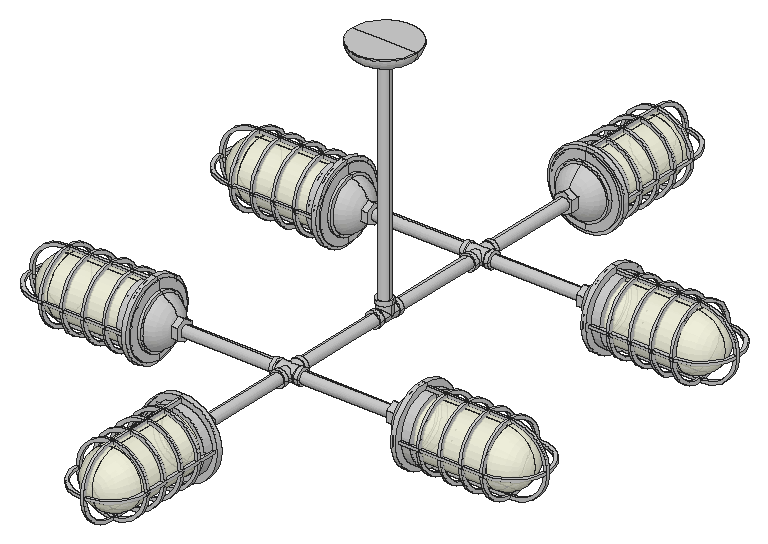
Revit family "HL2.STXX", category Lighting Fixtures, Revit 2024
Family settings
  Round Connector Dimension = Use Diameter
  Part Type = Normal
  OmniClass Number = 23.80.70.00
  OmniClass Title = Lighting
  Work Plane-Based = No
  Always vertical = Yes
  Cut with Voids When Loaded = No
  Light Source = No
  Maintain Annotation Orientation = No
  Shared = No
  Room Calculation Point = No
Parameters
  Default Elevation = 0' - 0"
Reference planes (in)
  plane 1 "Light Source Axis (F/B)": y = 0
  plane 2: z = 0
  plane 3 "Light Source Axis (L/R)": x = 0
  plane 4 "Light Source Elevation": z = 91.64356
Forms (in)
  Revolve 1, solid, material "49"
    sketch origin (1.43133, 0.00447, 104.02348) x (-1, 0, 0) y (0, 0, -1)
      loop
        line (0.83133, 8.24863) -> (0.99383, 8.24863) -> (0.99383, -8.75137) -> (-0.15915, -8.75137)
        arc (-0.15915, -8.75137) -> (-0.80228, -9.01776) -> (-1.06867, -9.66089) r 0.90952
        line (-1.06867, -9.66089) -> (-1.06867, -9.75137) -> (1.43133, -9.75137) -> (1.43133, 8.24863) -> (1.43133, 9.38966) -> (0.87564, 9.38966) -> (0.87564, 8.54863) -> (0.83133, 8.54863) -> (0.83133, 8.24863)
      axis (1.43133, -9.75137) -> (1.43133, 9.38966)
    angle from 0 to 360
  Revolve 2, solid, material "49"
    sketch origin (-9.36344, -1.41564, 94.68106) x (0.999999, -0.001268, 0) y (0.001268, 0.999999, 0)
      loop
        line (9.36163, 0.31883) -> (9.96163, 0.31883) -> (9.96163, 0.61883)
        arc (9.96163, 0.61883) -> (9.92902, 0.66763) -> (9.91757, 0.7252) r 0.15044
        line (9.91757, 0.7252) -> (9.91757, 2.13745)
        arc (9.91757, 2.13745) -> (9.92902, 2.19502) -> (9.96163, 2.24383) r 0.15044
        line (9.96163, 2.24383) -> (9.96163, 2.54383) -> (9.36163, 2.54383) -> (9.36163, 0.31883)
      axis (9.36163, 0.31883) -> (9.36163, 2.54383)
    angle from 0 to 360
  Revolve 3, solid, material "49"
    sketch origin (-1.43133, 9.3, 6.57775) x (-1, 0, 0) y (0, 0, -1)
      loop
        line (-2.54383, -88.10331) -> (-9.58133, -88.10331) -> (-9.58133, -88.54111) -> (-2.54383, -88.54111) -> (-2.54383, -88.10331)
      axis (-9.58133, -88.10331) -> (-2.54383, -88.10331)
    angle from 0 to 360
  Revolve 4, solid, material "49"
    sketch origin (1.43133, -0.09897, 94.63876) x (-1, 0, 0) y (0, 1, -0.000526)
      loop
        line (0.83133, 8.24863) -> (1.43133, 8.24863) -> (1.43133, 9.38966) -> (0.87564, 9.38966) -> (0.87564, 8.54863) -> (0.83133, 8.54863) -> (0.83133, 8.24863)
      axis (1.43133, 8.24863) -> (1.43133, 9.38966)
    angle from 0 to 360
  Revolve 5, solid, material "49"
    sketch origin (1.43133, -0.06163, 94.68106) x (0, 1, 0) y (-1, 0, 0)
      loop
        line (9.36163, 0.31883) -> (9.96163, 0.31883) -> (9.96163, 0.61883)
        arc (9.96163, 0.61883) -> (9.92902, 0.66763) -> (9.91757, 0.7252) r 0.15044
        line (9.91757, 0.7252) -> (9.91757, 2.13745)
        arc (9.91757, 2.13745) -> (9.92902, 2.19502) -> (9.96163, 2.24383) r 0.15044
        line (9.96163, 2.24383) -> (9.96163, 2.54383) -> (9.36163, 2.54383) -> (9.36163, 0.31883)
      axis (9.36163, 0.31883) -> (9.36163, 2.54383)
    angle from 0 to 360
  Revolve 6, solid, material "49"
    sketch origin (0, -1.42863, 6.57775) x (0, -1, 0) y (0, 0, -1)
      loop
        line (-2.54383, -88.10331) -> (-9.60145, -88.10331) -> (-9.60145, -88.54111) -> (-2.54383, -88.54111) -> (-2.54383, -88.10331)
      axis (-9.60145, -88.10331) -> (-2.54383, -88.10331)
    angle from 0 to 360
  Revolve 7, solid, material "49"
    sketch origin (1.43133, 9.3, 6.57775) x (1, 0, 0) y (0, 0, 1)
      loop
        line (-2.54383, 88.10331) -> (-2.54383, 88.54111) -> (-9.58133, 88.54111) -> (-9.58133, 88.10331) -> (-2.54383, 88.10331)
      axis (-9.58133, 88.10331) -> (-2.54383, 88.10331)
    angle from 0 to 360
  Revolve 8, solid, material "49"
    sketch origin (-1.43133, -9.3, 6.57775) x (-1, 0, 0) y (0, 0, 1)
      loop
        line (-2.54383, 88.10331) -> (-2.54383, 88.54111) -> (-9.58133, 88.54111) -> (-9.58133, 88.10331) -> (-2.54383, 88.10331)
      axis (-9.58133, 88.10331) -> (-2.54383, 88.10331)
    angle from 0 to 360
  Revolve 9, solid, material "49"
    sketch origin (1.43133, 0.09897, 94.63876) x (-1, 0, 0) y (0, 1, 0.000526)
      loop
        line (0.83133, -8.24863) -> (0.83133, -8.54863) -> (0.87564, -8.54863) -> (0.87564, -9.38966) -> (1.43133, -9.38966) -> (1.43133, -8.24863) -> (0.83133, -8.24863)
      axis (1.43133, -8.24863) -> (1.43133, -9.38966)
    angle from 0 to 360
  Revolve 10, solid, material "49"
    sketch origin (1.43133, 0.06163, 94.68106) x (0, 1, 0) y (-1, 0, 0)
      loop
        line (-9.36163, 0.31883) -> (-9.36163, 2.54383) -> (-9.96163, 2.54383) -> (-9.96163, 2.24383)
        arc (-9.96163, 2.24383) -> (-9.92902, 2.19502) -> (-9.91757, 2.13745) r 0.15044
        line (-9.91757, 2.13745) -> (-9.91757, 0.7252)
        arc (-9.91757, 0.7252) -> (-9.92902, 0.66763) -> (-9.96163, 0.61883) r 0.15044
        line (-9.96163, 0.61883) -> (-9.96163, 0.31883) -> (-9.36163, 0.31883)
      axis (-9.36163, 0.31883) -> (-9.36163, 2.54383)
    angle from 0 to 360
  Revolve 11, solid, material "49"
    sketch origin (0, 1.42863, 6.57775) x (0, 1, 0) y (0, 0, 1)
      loop
        line (-2.54383, 88.10331) -> (-2.54383, 88.54111) -> (-9.60145, 88.54111) -> (-9.60145, 88.10331) -> (-2.54383, 88.10331)
      axis (-9.60145, 88.10331) -> (-2.54383, 88.10331)
    angle from 0 to 360
  Revolve 12, solid, material "49"
    sketch origin (1.43133, -9.3, 6.57775) x (1, 0, 0) y (0, 0, -1)
      loop
        line (-2.54383, -88.10331) -> (-9.58133, -88.10331) -> (-9.58133, -88.54111) -> (-2.54383, -88.54111) -> (-2.54383, -88.10331)
      axis (-9.58133, -88.10331) -> (-2.54383, -88.10331)
    angle from 0 to 360
  Extrusion 13, solid, material "49"
    sketch origin (-3.25009, -0.11654, 101.52109) x (0, 0, -1) y (0, 1, 0)
      loop
        line (6.05272, 9.36163) -> (6.44638, 8.6798) -> (7.23369, 8.6798) -> (7.62734, 9.36163) -> (7.23369, 10.04346) -> (6.44638, 10.04346) -> (6.05272, 9.36163)
    from 11.40009 to 12.047
  Revolve 14, solid, material "49"
    sketch origin (95.15115, 9.24706, 101.52109) x (0, 0, 1) y (-1, 0, 0)
      loop
        line (-6.84003, 86.56466) -> (-6.84003, 86.4709)
        arc (-6.84003, 86.4709) -> (-5.692, 86.10354) -> (-4.99589, 85.1195) r 1.90036
        line (-4.99589, 85.1195) -> (-4.84249, 85.1195) -> (-4.84249, 84.83927) -> (-4.18378, 84.83927) -> (-4.18378, 84.71427) -> (-3.93378, 84.71427) -> (-3.93378, 84.52677) -> (-4.39628, 84.52677) -> (-4.39628, 83.77677) -> (-4.62769, 83.77677) -> (-4.62769, 83.68302) -> (-4.30253, 83.68302) -> (-4.30253, 84.43302) -> (-3.84003, 84.43302) -> (-3.84003, 84.80802) -> (-4.09003, 84.80802) -> (-4.09003, 84.93302) -> (-4.74874, 84.93302) -> (-4.74874, 85.21325) -> (-4.92753, 85.21325)
        arc (-4.92753, 85.21325) -> (-5.66451, 86.19926) -> (-6.84003, 86.56466) r 1.99411
      loop
        line (-4.66282, 78.03154) -> (-4.66282, 84.43302) -> (-4.75657, 84.43302) -> (-4.75657, 78.0333)
        arc (-4.75657, 78.0333) -> (-5.39398, 76.61211) -> (-6.83922, 76.03129) r 2.08125
        line (-6.83922, 76.03129) -> (-6.83922, 75.93754)
        arc (-6.83922, 75.93754) -> (-5.32832, 76.5452) -> (-4.66282, 78.03154) r 2.175
      loop
        line (-4.30253, 82.78302) -> (-4.05253, 82.78302) -> (-4.05253, 82.98302) -> (-4.30253, 82.98302) -> (-4.30253, 82.78302)
      loop
        line (-4.30253, 81.13302) -> (-4.05253, 81.13302) -> (-4.05253, 81.33302) -> (-4.30253, 81.33302) -> (-4.30253, 81.13302)
      loop
        line (-4.30253, 79.48302) -> (-4.05253, 79.48302) -> (-4.05253, 79.68302) -> (-4.30253, 79.68302) -> (-4.30253, 79.48302)
      loop
        line (-4.30253, 77.83302) -> (-4.05253, 77.83302) -> (-4.05253, 78.03302) -> (-4.30253, 78.03302) -> (-4.30253, 77.83302)
      axis (-6.84003, 86.56466) -> (-6.84003, 75.93754)
    angle from 0 to 360
  Extrusion 15, solid, material "49"
    sketch origin (95.15115, 7.89908, 101.52109) x (0, 0, 1) y (-1, 0, 0)
      loop
        line (-4.05253, 77.72052) -> (-4.05253, 84.43302) -> (-4.30253, 84.43302) -> (-4.30253, 77.72052)
        arc (-4.30253, 77.72052) -> (-5.12109, 75.85393) -> (-7.04867, 75.19161) r 2.5375
        arc (-7.04867, 75.19161) -> (-8.70662, 76.00158) -> (-9.37753, 77.72052) r 2.5375
        line (-9.37753, 77.72052) -> (-9.37753, 84.43302) -> (-9.62753, 84.43302) -> (-9.62753, 77.72052)
        arc (-9.62753, 77.72052) -> (-6.84003, 74.93302) -> (-4.05253, 77.72052) r 2.7875
    from -1.44798 to -1.24798
  Extrusion 16, solid, material "49"
    sketch origin (95.15115, -0.10092, 89.27235) x (-1, 0, 0) y (0, -1, 0)
      loop
        line (77.72052, -12.13548) -> (84.43302, -12.13548) -> (84.43302, -11.88548) -> (77.72052, -11.88548)
        arc (77.72052, -11.88548) -> (75.80176, -11.00849) -> (75.2093, -8.98371) r 2.5375
        arc (75.2093, -8.98371) -> (76.06001, -7.42922) -> (77.72052, -6.81048) r 2.5375
        line (77.72052, -6.81048) -> (84.43302, -6.81048) -> (84.43302, -6.56048) -> (77.72052, -6.56048)
        arc (77.72052, -6.56048) -> (74.93302, -9.34798) -> (77.72052, -12.13548) r 2.7875
    from 5.30871 to 5.50871
  Extrusion 17, solid, material "49"
    sketch origin (3.25009, -0.11654, 101.52109) x (0, 0, -1) y (0, -1, 0)
      loop
        line (6.05272, -9.36163) -> (6.44638, -10.04346) -> (7.23369, -10.04346) -> (7.62734, -9.36163) -> (7.23369, -8.6798) -> (6.44638, -8.6798) -> (6.05272, -9.36163)
    from 11.40009 to 12.047
  Revolve 18, solid, material "49"
    sketch origin (-95.15115, 9.24706, 101.52109) x (0, 0, 1) y (-1, 0, 0)
      loop
        arc (-6.84003, -86.56466) -> (-5.66451, -86.19926) -> (-4.92753, -85.21325) r 1.99411
        line (-4.92753, -85.21325) -> (-4.74874, -85.21325) -> (-4.74874, -84.93302) -> (-4.09003, -84.93302) -> (-4.09003, -84.80802) -> (-3.84003, -84.80802) -> (-3.84003, -84.43302) -> (-4.30253, -84.43302) -> (-4.30253, -83.68302) -> (-4.62769, -83.68302) -> (-4.62769, -83.77677) -> (-4.39628, -83.77677) -> (-4.39628, -84.52677) -> (-3.93378, -84.52677) -> (-3.93378, -84.71427) -> (-4.18378, -84.71427) -> (-4.18378, -84.83927) -> (-4.84249, -84.83927) -> (-4.84249, -85.1195) -> (-4.99589, -85.1195)
        arc (-4.99589, -85.1195) -> (-5.692, -86.10354) -> (-6.84003, -86.4709) r 1.90036
        line (-6.84003, -86.4709) -> (-6.84003, -86.56466)
      loop
        arc (-4.66282, -78.03154) -> (-5.32832, -76.5452) -> (-6.83922, -75.93754) r 2.175
        line (-6.83922, -75.93754) -> (-6.83922, -76.03129)
        arc (-6.83922, -76.03129) -> (-5.39398, -76.61211) -> (-4.75657, -78.0333) r 2.08125
        line (-4.75657, -78.0333) -> (-4.75657, -84.43302) -> (-4.66282, -84.43302) -> (-4.66282, -78.03154)
      loop
        line (-4.30253, -82.78302) -> (-4.30253, -82.98302) -> (-4.05253, -82.98302) -> (-4.05253, -82.78302) -> (-4.30253, -82.78302)
      loop
        line (-4.30253, -81.13302) -> (-4.30253, -81.33302) -> (-4.05253, -81.33302) -> (-4.05253, -81.13302) -> (-4.30253, -81.13302)
      loop
        line (-4.30253, -79.48302) -> (-4.30253, -79.68302) -> (-4.05253, -79.68302) -> (-4.05253, -79.48302) -> (-4.30253, -79.48302)
      loop
        line (-4.30253, -77.83302) -> (-4.30253, -78.03302) -> (-4.05253, -78.03302) -> (-4.05253, -77.83302) -> (-4.30253, -77.83302)
      axis (-6.84003, -86.56466) -> (-6.84003, -75.93754)
    angle from 0 to 360
  Extrusion 19, solid, material "49"
    sketch origin (-95.15115, 7.89908, 101.52109) x (0, 0, 1) y (-1, 0, 0)
      loop
        arc (-4.05253, -77.72052) -> (-6.84003, -74.93302) -> (-9.62753, -77.72052) r 2.7875
        line (-9.62753, -77.72052) -> (-9.62753, -84.43302) -> (-9.37753, -84.43302) -> (-9.37753, -77.72052)
        arc (-9.37753, -77.72052) -> (-8.70662, -76.00158) -> (-7.04867, -75.19161) r 2.5375
        arc (-7.04867, -75.19161) -> (-5.12109, -75.85393) -> (-4.30253, -77.72052) r 2.5375
        line (-4.30253, -77.72052) -> (-4.30253, -84.43302) -> (-4.05253, -84.43302) -> (-4.05253, -77.72052)
    from -1.44798 to -1.24798
  Extrusion 20, solid, material "49"
    sketch origin (-95.15115, -0.10092, 89.27235) x (-1, 0, 0) y (0, -1, 0)
      loop
        arc (-77.72052, -12.13548) -> (-74.93302, -9.34798) -> (-77.72052, -6.56048) r 2.7875
        line (-77.72052, -6.56048) -> (-84.43302, -6.56048) -> (-84.43302, -6.81048) -> (-77.72052, -6.81048)
        arc (-77.72052, -6.81048) -> (-76.06001, -7.42922) -> (-75.2093, -8.98371) r 2.5375
        arc (-75.2093, -8.98371) -> (-75.80176, -11.00849) -> (-77.72052, -11.88548) r 2.5375
        line (-77.72052, -11.88548) -> (-84.43302, -11.88548) -> (-84.43302, -12.13548) -> (-77.72052, -12.13548)
    from 5.30871 to 5.50871
  Extrusion 21, solid, material "49"
    sketch origin (-3.25009, 0.05404, 101.52109) x (0, 0, -1) y (0, 1, 0)
      loop
        line (6.05272, -9.36163) -> (6.44638, -10.04346) -> (7.23369, -10.04346) -> (7.62734, -9.36163) -> (7.23369, -8.6798) -> (6.44638, -8.6798) -> (6.05272, -9.36163)
    from 11.40009 to 12.047
  Revolve 22, solid, material "49"
    sketch origin (95.15115, -9.30956, 101.52109) x (0, 0, 1) y (1, 0, 0)
      loop
        arc (-6.84003, -86.56466) -> (-5.66451, -86.19926) -> (-4.92753, -85.21325) r 1.99411
        line (-4.92753, -85.21325) -> (-4.74874, -85.21325) -> (-4.74874, -84.93302) -> (-4.09003, -84.93302) -> (-4.09003, -84.80802) -> (-3.84003, -84.80802) -> (-3.84003, -84.43302) -> (-4.30253, -84.43302) -> (-4.30253, -83.68302) -> (-4.62769, -83.68302) -> (-4.62769, -83.77677) -> (-4.39628, -83.77677) -> (-4.39628, -84.52677) -> (-3.93378, -84.52677) -> (-3.93378, -84.71427) -> (-4.18378, -84.71427) -> (-4.18378, -84.83927) -> (-4.84249, -84.83927) -> (-4.84249, -85.1195) -> (-4.99589, -85.1195)
        arc (-4.99589, -85.1195) -> (-5.692, -86.10354) -> (-6.84003, -86.4709) r 1.90036
        line (-6.84003, -86.4709) -> (-6.84003, -86.56466)
      loop
        arc (-4.66282, -78.03154) -> (-5.32832, -76.5452) -> (-6.83922, -75.93754) r 2.175
        line (-6.83922, -75.93754) -> (-6.83922, -76.03129)
        arc (-6.83922, -76.03129) -> (-5.39398, -76.61211) -> (-4.75657, -78.0333) r 2.08125
        line (-4.75657, -78.0333) -> (-4.75657, -84.43302) -> (-4.66282, -84.43302) -> (-4.66282, -78.03154)
      loop
        line (-4.30253, -82.78302) -> (-4.30253, -82.98302) -> (-4.05253, -82.98302) -> (-4.05253, -82.78302) -> (-4.30253, -82.78302)
      loop
        line (-4.30253, -81.13302) -> (-4.30253, -81.33302) -> (-4.05253, -81.33302) -> (-4.05253, -81.13302) -> (-4.30253, -81.13302)
      loop
        line (-4.30253, -79.48302) -> (-4.30253, -79.68302) -> (-4.05253, -79.68302) -> (-4.05253, -79.48302) -> (-4.30253, -79.48302)
      loop
        line (-4.30253, -77.83302) -> (-4.30253, -78.03302) -> (-4.05253, -78.03302) -> (-4.05253, -77.83302) -> (-4.30253, -77.83302)
      axis (-6.84003, -86.56466) -> (-6.84003, -75.93754)
    angle from 0 to 360
  Extrusion 23, solid, material "49"
    sketch origin (95.15115, -7.96158, 101.52109) x (0, 0, 1) y (1, 0, 0)
      loop
        arc (-4.05253, -77.72052) -> (-6.84003, -74.93302) -> (-9.62753, -77.72052) r 2.7875
        line (-9.62753, -77.72052) -> (-9.62753, -84.43302) -> (-9.37753, -84.43302) -> (-9.37753, -77.72052)
        arc (-9.37753, -77.72052) -> (-8.70662, -76.00158) -> (-7.04867, -75.19161) r 2.5375
        arc (-7.04867, -75.19161) -> (-5.12109, -75.85393) -> (-4.30253, -77.72052) r 2.5375
        line (-4.30253, -77.72052) -> (-4.30253, -84.43302) -> (-4.05253, -84.43302) -> (-4.05253, -77.72052)
    from -1.44798 to -1.24798
  Extrusion 24, solid, material "49"
    sketch origin (95.15115, 0.03842, 89.27235) x (1, 0, 0) y (0, 1, 0)
      loop
        arc (-77.72052, -12.13548) -> (-74.93302, -9.34798) -> (-77.72052, -6.56048) r 2.7875
        line (-77.72052, -6.56048) -> (-84.43302, -6.56048) -> (-84.43302, -6.81048) -> (-77.72052, -6.81048)
        arc (-77.72052, -6.81048) -> (-76.06001, -7.42922) -> (-75.2093, -8.98371) r 2.5375
        arc (-75.2093, -8.98371) -> (-75.80176, -11.00849) -> (-77.72052, -11.88548) r 2.5375
        line (-77.72052, -11.88548) -> (-84.43302, -11.88548) -> (-84.43302, -12.13548) -> (-77.72052, -12.13548)
    from 5.30871 to 5.50871
  Extrusion 25, solid, material "49"
    sketch origin (3.25009, 0.05404, 101.52109) x (0, 0, -1) y (0, -1, 0)
      loop
        line (6.05272, 9.36163) -> (6.44638, 8.6798) -> (7.23369, 8.6798) -> (7.62734, 9.36163) -> (7.23369, 10.04346) -> (6.44638, 10.04346) -> (6.05272, 9.36163)
    from 11.40009 to 12.047
  Revolve 26, solid, material "49"
    sketch origin (-95.15115, -9.30956, 101.52109) x (0, 0, 1) y (1, 0, 0)
      loop
        line (-6.84003, 86.56466) -> (-6.84003, 86.4709)
        arc (-6.84003, 86.4709) -> (-5.692, 86.10354) -> (-4.99589, 85.1195) r 1.90036
        line (-4.99589, 85.1195) -> (-4.84249, 85.1195) -> (-4.84249, 84.83927) -> (-4.18378, 84.83927) -> (-4.18378, 84.71427) -> (-3.93378, 84.71427) -> (-3.93378, 84.52677) -> (-4.39628, 84.52677) -> (-4.39628, 83.77677) -> (-4.62769, 83.77677) -> (-4.62769, 83.68302) -> (-4.30253, 83.68302) -> (-4.30253, 84.43302) -> (-3.84003, 84.43302) -> (-3.84003, 84.80802) -> (-4.09003, 84.80802) -> (-4.09003, 84.93302) -> (-4.74874, 84.93302) -> (-4.74874, 85.21325) -> (-4.92753, 85.21325)
        arc (-4.92753, 85.21325) -> (-5.66451, 86.19926) -> (-6.84003, 86.56466) r 1.99411
      loop
        line (-4.66282, 78.03154) -> (-4.66282, 84.43302) -> (-4.75657, 84.43302) -> (-4.75657, 78.0333)
        arc (-4.75657, 78.0333) -> (-5.39398, 76.61211) -> (-6.83922, 76.03129) r 2.08125
        line (-6.83922, 76.03129) -> (-6.83922, 75.93754)
        arc (-6.83922, 75.93754) -> (-5.32832, 76.5452) -> (-4.66282, 78.03154) r 2.175
      loop
        line (-4.30253, 82.78302) -> (-4.05253, 82.78302) -> (-4.05253, 82.98302) -> (-4.30253, 82.98302) -> (-4.30253, 82.78302)
      loop
        line (-4.30253, 81.13302) -> (-4.05253, 81.13302) -> (-4.05253, 81.33302) -> (-4.30253, 81.33302) -> (-4.30253, 81.13302)
      loop
        line (-4.30253, 79.48302) -> (-4.05253, 79.48302) -> (-4.05253, 79.68302) -> (-4.30253, 79.68302) -> (-4.30253, 79.48302)
      loop
        line (-4.30253, 77.83302) -> (-4.05253, 77.83302) -> (-4.05253, 78.03302) -> (-4.30253, 78.03302) -> (-4.30253, 77.83302)
      axis (-6.84003, 86.56466) -> (-6.84003, 75.93754)
    angle from 0 to 360
  Extrusion 27, solid, material "49"
    sketch origin (-95.15115, -7.96158, 101.52109) x (0, 0, 1) y (1, 0, 0)
      loop
        line (-4.05253, 77.72052) -> (-4.05253, 84.43302) -> (-4.30253, 84.43302) -> (-4.30253, 77.72052)
        arc (-4.30253, 77.72052) -> (-5.12109, 75.85393) -> (-7.04867, 75.19161) r 2.5375
        arc (-7.04867, 75.19161) -> (-8.70662, 76.00158) -> (-9.37753, 77.72052) r 2.5375
        line (-9.37753, 77.72052) -> (-9.37753, 84.43302) -> (-9.62753, 84.43302) -> (-9.62753, 77.72052)
        arc (-9.62753, 77.72052) -> (-6.84003, 74.93302) -> (-4.05253, 77.72052) r 2.7875
    from -1.44798 to -1.24798
  Extrusion 28, solid, material "49"
    sketch origin (-95.15115, 0.03842, 89.27235) x (1, 0, 0) y (0, 1, 0)
      loop
        line (77.72052, -12.13548) -> (84.43302, -12.13548) -> (84.43302, -11.88548) -> (77.72052, -11.88548)
        arc (77.72052, -11.88548) -> (75.80176, -11.00849) -> (75.2093, -8.98371) r 2.5375
        arc (75.2093, -8.98371) -> (76.06001, -7.42922) -> (77.72052, -6.81048) r 2.5375
        line (77.72052, -6.81048) -> (84.43302, -6.81048) -> (84.43302, -6.56048) -> (77.72052, -6.56048)
        arc (77.72052, -6.56048) -> (74.93302, -9.34798) -> (77.72052, -12.13548) r 2.7875
    from 5.30871 to 5.50871
  Revolve 29, solid, material "49"
    sketch origin (1.43133, 18.69597, 94.63876) x (-1, 0, 0) y (0, 1, 0.000526)
      loop
        line (0.83133, -8.24863) -> (0.83133, -8.54863) -> (0.87564, -8.54863) -> (0.87564, -9.38966) -> (1.43133, -9.38966) -> (1.43133, -8.24863) -> (0.83133, -8.24863)
      axis (1.43133, -8.24863) -> (1.43133, -9.38966)
    angle from 0 to 360
  Revolve 30, solid, material "49"
    sketch origin (0, 20.01, 6.57775) x (0, 1, 0) y (0, 0, 1)
      loop
        line (-2.56237, 88.10331) -> (-2.56237, 88.54111) -> (-9.60145, 88.54111) -> (-9.60145, 88.10331) -> (-2.56237, 88.10331)
      axis (-9.60145, 88.10331) -> (-2.56237, 88.10331)
    angle from 0 to 360
  Extrusion 31, solid, material "49"
    sketch origin (9.36163, 6.04754, 101.52109) x (0, 0, -1) y (-1, 0, 0)
      loop
        line (6.05272, 9.36163) -> (6.44638, 8.6798) -> (7.23369, 8.6798) -> (7.62734, 9.36163) -> (7.23369, 10.04346) -> (6.44638, 10.04346) -> (6.05272, 9.36163)
    from 11.40009 to 12.047
  Revolve 32, solid, material "49"
    sketch origin (-0.00198, 104.44878, 101.52109) x (0, 0, 1) y (0, -1, 0)
      loop
        line (-6.84003, 86.56466) -> (-6.84003, 86.4709)
        arc (-6.84003, 86.4709) -> (-5.692, 86.10354) -> (-4.99589, 85.1195) r 1.90036
        line (-4.99589, 85.1195) -> (-4.84249, 85.1195) -> (-4.84249, 84.83927) -> (-4.18378, 84.83927) -> (-4.18378, 84.71427) -> (-3.93378, 84.71427) -> (-3.93378, 84.52677) -> (-4.39628, 84.52677) -> (-4.39628, 83.77677) -> (-4.62769, 83.77677) -> (-4.62769, 83.68302) -> (-4.30253, 83.68302) -> (-4.30253, 84.43302) -> (-3.84003, 84.43302) -> (-3.84003, 84.80802) -> (-4.09003, 84.80802) -> (-4.09003, 84.93302) -> (-4.74874, 84.93302) -> (-4.74874, 85.21325) -> (-4.92753, 85.21325)
        arc (-4.92753, 85.21325) -> (-5.66451, 86.19926) -> (-6.84003, 86.56466) r 1.99411
      loop
        line (-4.66282, 78.03154) -> (-4.66282, 84.43302) -> (-4.75657, 84.43302) -> (-4.75657, 78.0333)
        arc (-4.75657, 78.0333) -> (-5.39398, 76.61211) -> (-6.83922, 76.03129) r 2.08125
        line (-6.83922, 76.03129) -> (-6.83922, 75.93754)
        arc (-6.83922, 75.93754) -> (-5.32832, 76.5452) -> (-4.66282, 78.03154) r 2.175
      loop
        line (-4.30253, 82.78302) -> (-4.05253, 82.78302) -> (-4.05253, 82.98302) -> (-4.30253, 82.98302) -> (-4.30253, 82.78302)
      loop
        line (-4.30253, 81.13302) -> (-4.05253, 81.13302) -> (-4.05253, 81.33302) -> (-4.30253, 81.33302) -> (-4.30253, 81.13302)
      loop
        line (-4.30253, 79.48302) -> (-4.05253, 79.48302) -> (-4.05253, 79.68302) -> (-4.30253, 79.68302) -> (-4.30253, 79.48302)
      loop
        line (-4.30253, 77.83302) -> (-4.05253, 77.83302) -> (-4.05253, 78.03302) -> (-4.30253, 78.03302) -> (-4.30253, 77.83302)
      axis (-6.84003, 86.56466) -> (-6.84003, 75.93754)
    angle from 0 to 360
  Extrusion 33, solid, material "49"
    sketch origin (1.346, 104.44878, 101.52109) x (0, 0, 1) y (0, -1, 0)
      loop
        line (-4.05253, 77.72052) -> (-4.05253, 84.43302) -> (-4.30253, 84.43302) -> (-4.30253, 77.72052)
        arc (-4.30253, 77.72052) -> (-5.12109, 75.85393) -> (-7.04867, 75.19161) r 2.5375
        arc (-7.04867, 75.19161) -> (-8.70662, 76.00158) -> (-9.37753, 77.72052) r 2.5375
        line (-9.37753, 77.72052) -> (-9.37753, 84.43302) -> (-9.62753, 84.43302) -> (-9.62753, 77.72052)
        arc (-9.62753, 77.72052) -> (-6.84003, 74.93302) -> (-4.05253, 77.72052) r 2.7875
    from -1.44798 to -1.24798
  Extrusion 34, solid, material "49"
    sketch origin (9.346, 104.44878, 89.27235) x (0, -1, 0) y (1, 0, 0)
      loop
        line (77.72052, -12.13548) -> (84.43302, -12.13548) -> (84.43302, -11.88548) -> (77.72052, -11.88548)
        arc (77.72052, -11.88548) -> (75.80176, -11.00849) -> (75.2093, -8.98371) r 2.5375
        arc (75.2093, -8.98371) -> (76.06001, -7.42922) -> (77.72052, -6.81048) r 2.5375
        line (77.72052, -6.81048) -> (84.43302, -6.81048) -> (84.43302, -6.56048) -> (77.72052, -6.56048)
        arc (77.72052, -6.56048) -> (74.93302, -9.34798) -> (77.72052, -12.13548) r 2.7875
    from 5.30871 to 5.50871
  Revolve 35, solid, material "49"
    sketch origin (1.43133, -18.69597, 94.63876) x (-1, 0, 0) y (0, 1, -0.000526)
      loop
        line (0.83133, 8.24863) -> (1.43133, 8.24863) -> (1.43133, 9.38966) -> (0.87564, 9.38966) -> (0.87564, 8.54863) -> (0.83133, 8.54863) -> (0.83133, 8.24863)
      axis (1.43133, 8.24863) -> (1.43133, 9.38966)
    angle from 0 to 360
  Revolve 36, solid, material "49"
    sketch origin (0, -20.01, 6.57775) x (0, -1, 0) y (0, 0, -1)
      loop
        line (-2.56237, -88.10331) -> (-9.60145, -88.10331) -> (-9.60145, -88.54111) -> (-2.56237, -88.54111) -> (-2.56237, -88.10331)
      axis (-9.60145, -88.10331) -> (-2.56237, -88.10331)
    angle from 0 to 360
  Extrusion 37, solid, material "49"
    sketch origin (9.36163, -6.04754, 101.52109) x (0, 0, -1) y (1, 0, 0)
      loop
        line (6.05272, -9.36163) -> (6.44638, -10.04346) -> (7.23369, -10.04346) -> (7.62734, -9.36163) -> (7.23369, -8.6798) -> (6.44638, -8.6798) -> (6.05272, -9.36163)
    from 11.40009 to 12.047
  Revolve 38, solid, material "49"
    sketch origin (-0.00198, -104.44878, 101.52109) x (0, 0, 1) y (0, -1, 0)
      loop
        arc (-6.84003, -86.56466) -> (-5.66451, -86.19926) -> (-4.92753, -85.21325) r 1.99411
        line (-4.92753, -85.21325) -> (-4.74874, -85.21325) -> (-4.74874, -84.93302) -> (-4.09003, -84.93302) -> (-4.09003, -84.80802) -> (-3.84003, -84.80802) -> (-3.84003, -84.43302) -> (-4.30253, -84.43302) -> (-4.30253, -83.68302) -> (-4.62769, -83.68302) -> (-4.62769, -83.77677) -> (-4.39628, -83.77677) -> (-4.39628, -84.52677) -> (-3.93378, -84.52677) -> (-3.93378, -84.71427) -> (-4.18378, -84.71427) -> (-4.18378, -84.83927) -> (-4.84249, -84.83927) -> (-4.84249, -85.1195) -> (-4.99589, -85.1195)
        arc (-4.99589, -85.1195) -> (-5.692, -86.10354) -> (-6.84003, -86.4709) r 1.90036
        line (-6.84003, -86.4709) -> (-6.84003, -86.56466)
      loop
        arc (-4.66282, -78.03154) -> (-5.32832, -76.5452) -> (-6.83922, -75.93754) r 2.175
        line (-6.83922, -75.93754) -> (-6.83922, -76.03129)
        arc (-6.83922, -76.03129) -> (-5.39398, -76.61211) -> (-4.75657, -78.0333) r 2.08125
        line (-4.75657, -78.0333) -> (-4.75657, -84.43302) -> (-4.66282, -84.43302) -> (-4.66282, -78.03154)
      loop
        line (-4.30253, -82.78302) -> (-4.30253, -82.98302) -> (-4.05253, -82.98302) -> (-4.05253, -82.78302) -> (-4.30253, -82.78302)
      loop
        line (-4.30253, -81.13302) -> (-4.30253, -81.33302) -> (-4.05253, -81.33302) -> (-4.05253, -81.13302) -> (-4.30253, -81.13302)
      loop
        line (-4.30253, -79.48302) -> (-4.30253, -79.68302) -> (-4.05253, -79.68302) -> (-4.05253, -79.48302) -> (-4.30253, -79.48302)
      loop
        line (-4.30253, -77.83302) -> (-4.30253, -78.03302) -> (-4.05253, -78.03302) -> (-4.05253, -77.83302) -> (-4.30253, -77.83302)
      axis (-6.84003, -86.56466) -> (-6.84003, -75.93754)
    angle from 0 to 360
  Extrusion 39, solid, material "49"
    sketch origin (1.346, -104.44878, 101.52109) x (0, 0, 1) y (0, -1, 0)
      loop
        arc (-4.05253, -77.72052) -> (-6.84003, -74.93302) -> (-9.62753, -77.72052) r 2.7875
        line (-9.62753, -77.72052) -> (-9.62753, -84.43302) -> (-9.37753, -84.43302) -> (-9.37753, -77.72052)
        arc (-9.37753, -77.72052) -> (-8.70662, -76.00158) -> (-7.04867, -75.19161) r 2.5375
        arc (-7.04867, -75.19161) -> (-5.12109, -75.85393) -> (-4.30253, -77.72052) r 2.5375
        line (-4.30253, -77.72052) -> (-4.30253, -84.43302) -> (-4.05253, -84.43302) -> (-4.05253, -77.72052)
    from -1.44798 to -1.24798
  Extrusion 40, solid, material "49"
    sketch origin (9.346, -104.44878, 89.27235) x (0, -1, 0) y (1, 0, 0)
      loop
        arc (-77.72052, -12.13548) -> (-74.93302, -9.34798) -> (-77.72052, -6.56048) r 2.7875
        line (-77.72052, -6.56048) -> (-84.43302, -6.56048) -> (-84.43302, -6.81048) -> (-77.72052, -6.81048)
        arc (-77.72052, -6.81048) -> (-76.06001, -7.42922) -> (-75.2093, -8.98371) r 2.5375
        arc (-75.2093, -8.98371) -> (-75.80176, -11.00849) -> (-77.72052, -11.88548) r 2.5375
        line (-77.72052, -11.88548) -> (-84.43302, -11.88548) -> (-84.43302, -12.13548) -> (-77.72052, -12.13548)
    from 5.30871 to 5.50871
Dimensions and locks (in)
  aligned and locked: level to plane 2
